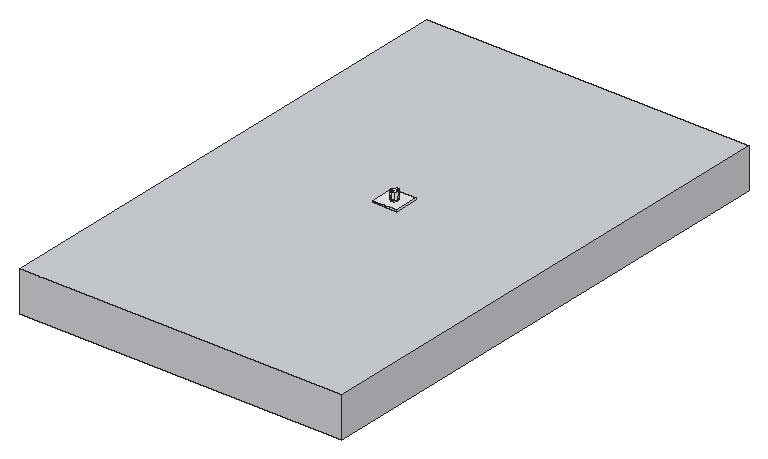
Revit family "Thermostat-GROHE-Allure-19305000", category Plumbing Fixtures, host Face, Revit 2014
Parameters (values of type "19305000")
  Width = 7 3/16"
  Waste Connection = no
  Warranty Documentation Link = "https://cdn.cloud.grohe.com/tpi/1000/1900/1940/1949/1949006/original/1949006.pdf"
  WFU = 4  # constant formula
  Vent Connection = no
  URL = "https://www.grohe.us/"
  Type Comments = ""
  Tempered Connection Radius = Tempered Connection Diameter / 2  # 1/4"
  Tempered Connection Diameter = Hot Water Connection Diameter  # 1/2"
  Product Page URL = "https://www.grohe.us/en_us/allure-central-thermostatic-mixer-19305000.html"
  Price = "Prices may vary. Please consult Manufacturer Representative for most up-to-date price list."  # constant formula
  Model = "19305000"
  Material = "Metal-Grohe-000-Chrome"
  Manufacturer = "Grohe"
  Length = 2 15/16"
  Installation Type = "Wall Mounted"
  Hot Water Connection Radius = Hot Water Connection Diameter / 2  # 1/4"
  Hot Water Connection Diameter = Cold Water Connection Diameter  # 1/2"
  Height = 40"
  HWFU = 3  # constant formula
  HW Connection = yes
  Flow Rate = ""
  Finish = Metal-Grohe-000-Chrome
  Description = "Allure Central Thermostatic Mixer"  # constant formula
  Default Elevation = 44"  # constant formula
  Creation Date = "06/20/2017"  # constant formula
  Cold Water Connection Radius = 1/4"  # constant formula
  Cold Water Connection Diameter = Cold Water Connection Radius * 2  # 1/2"
  CWFU = 3  # constant formula
  CW Connection = yes
  Assembly Code = "D2010710"
  ADA Compliant = no
Reference planes (in)
  plane 1 "Center (Front/Back)": y = 0
  plane 2: z = 0
  plane 3 "Center (Left/Right)": x = 0
  plane 4: y = 40
  plane 5: y = -18
  plane 6: y = -39
  plane 7: z = 3.125
  plane 8: x = -3.59375
  plane 9: x = 3.59375
  plane 10: y = -3.59375
  plane 11: y = 3.59375
  plane 12: z = 0.5
Forms (in)
  Extrusion 1, solid
    sketch origin (0, 0, 0) x (1, 0, 0) y (0, 1, 0)
      loop
        line (-48, 72) -> (-48, -79.70833) -> (48, -79.70833) -> (48, 72) -> (-48, 72)
    from 0 to -12
  Extrusion 2, solid, material "Metal-Grohe-000-Chrome" <- "Finish"
    sketch origin (0, 0, 0) x (1, 0, 0) y (0, 1, 0)
      loop
        line (-3.59375, 3.59375) -> (-3.59375, -3.59375) -> (3.59375, -3.59375) -> (3.59375, 3.59375) -> (-3.59375, 3.59375)
    from 0 to 0.5
  Revolve 3, solid, material "Metal-Grohe-000-Chrome" <- "Finish"
    sketch origin (0, 0, 0) x (0, 1, 0) y (0, 0, 1)
      loop
        line (0, 0.30054) -> (0, 2.74863) -> (-0.89816, 2.74863) -> (-0.92984, 0.93381) -> (-0.76867, 0.93381) -> (-0.76867, 0.90174) -> (-0.90913, 0.90174) -> (-0.97653, 0.58463) -> (-1.03692, 0.58463) -> (-1.03692, 0.30054) -> (0, 0.30054)
      axis (0, 2.74863) -> (0, 0.30054)
    angle from 0 to 360
  Extrusion 4, solid, material "Metal-Grohe-000-Chrome" <- "Finish"
    sketch origin (0, 0, 0) x (1, 0, 0) y (0, 1, 0)
      loop
        arc (-0.29224, 0.45741) -> (-0.35923, 0.20741) -> (-0.54224, 0.0244) r 0.5
        line (-0.54224, 0.0244) -> (-1.04128, -0.26373) -> (-0.75062, -0.76716) -> (-0.2785, -0.49459)
        arc (-0.2785, -0.49459) -> (-0.00318, -0.42081) -> (0.27213, -0.49459) r 0.55063
        line (0.27213, -0.49459) -> (0.74903, -0.76992) -> (1.04128, -0.26373) -> (0.55778, 0.01542)
        arc (0.55778, 0.01542) -> (0.36339, 0.20981) -> (0.29224, 0.47536) r 0.53109
        line (0.29224, 0.47536) -> (0.29224, 1.03366) -> (-0.29224, 1.03366) -> (-0.29224, 0.45741)
    from 0.93201 to 2.91449
  Extrusion 5, solid, material "Metal-Grohe-000-Chrome" <- "Finish"
    sketch origin (0, 0, 0) x (1, 0, 0) y (0, 1, 0)
      loop
        line (-0.31712, 1.03871) -> (-0.33523, 0.69305) -> (0.33523, 0.69305) -> (0.31712, 1.03871)
        arc (0.31712, 1.03871) -> (0, 1.08602) -> (-0.31712, 1.03871) r 1.08645
    from 0.93201 to 2.74863
  Extrusion 6, solid, material "Metal-Grohe-000-Chrome" <- "Finish"
    sketch origin (0, 0, 0) x (0, 1, 0) y (0, 0, 1)
      loop
        arc (1.29383, 2.38187) -> (0.99322, 2.42913) -> (0.69224, 2.47404) r 38.81947
        line (0.69224, 2.47404) -> (0.69224, 1.17351) -> (1.14546, 1.17351)
        arc (1.14546, 1.17351) -> (1.17429, 1.78326) -> (1.29383, 2.38187) r 4.07745
    from -0.19798 to 0.20202
  Extrusion 7, solid, material "Metal-Grohe-000-Chrome" <- "Finish"
    sketch origin (0, 0, 0) x (1, 0, 0) y (0, 1, 0)
      loop
        circle (-0.54224, 0.0244) r 0.25
      loop
        circle (0.54224, 0.0244) r 0.25
    from 0 to 0.0625
Cuts and joins
  joined: Extrusion 2, Revolve 3, Extrusion 4, Extrusion 5, Extrusion 6, Extrusion 7
Lines and regions (in)
  Masking region 1
    outline origin (0, 0, 0) x (1, 0, 0) y (0, 0, 1)
      loop
        line (1.03692, 0.5) -> (1.03692, 0.58463) -> (0.97653, 0.58463) -> (0.90913, 0.90174) -> (0.76867, 0.90174) -> (0.76867, 0.93381) -> (1.04128, 0.93381) -> (1.04128, 2.91449) -> (-1.04128, 2.91449) -> (-1.04128, 0.93381) -> (-0.76867, 0.93381) -> (-0.76867, 0.90174) -> (-0.90913, 0.90174) -> (-0.97653, 0.58463) -> (-1.03692, 0.58463) -> (-1.03692, 0.5) -> (-3.59375, 0.5) -> (-3.59375, 0) -> (3.59375, 0) -> (3.59375, 0.5) -> (1.03692, 0.5)
  symbolic lines, detail levels medium+fine
    curve 1: line (0.89816, 0, 2.74863) -> (0.92984, 0, 0.93381)
    curve 2: line (0.89816, 0, 2.74863) -> (-0.89816, 0, 2.74863)
    curve 3: line (-0.89816, 0, 2.74863) -> (-0.92984, 0, 0.93381)
    curve 4: line (0.76867, 0, 0.90174) -> (-0.76867, 0, 0.90174)
    curve 5: line (0.76867, 0, 0.93381) -> (-0.76867, 0, 0.93381)
  symbolic lines, detail levels fine
    curve 6: line (0.29224, 0, 2.74863) -> (0.29224, 0, 2.91449)
    curve 7: line (0.20202, 0, 2.38187) -> (-0.19798, 0, 2.38187)
    curve 8: line (0.20202, 0, 1.17351) -> (0.20202, 0, 2.38187)
    curve 9: line (-0.19798, 0, 1.17351) -> (0.20202, 0, 1.17351)
    curve 10: line (-0.19798, 0, 2.38187) -> (-0.19798, 0, 1.17351)
    curve 11: line (0.31712, 0, 2.74863) -> (0.31712, 0, 0.93381)
    curve 12: line (0.97653, 0, 0.58463) -> (-0.97653, 0, 0.58463)
    curve 13: line (-0.29224, 0, 2.74863) -> (-0.29224, 0, 2.91449)
    curve 14: line (-0.31712, 0, 2.74863) -> (-0.31712, 0, 0.93381)
    curve 15: line (1.03692, 0, 0.5) -> (-1.03692, 0, 0.5)
Dimensions and locks (in)
  plane 1 "Center (Front/Back)" to plane 5 = 18"
  plane 5 to plane 6 = 21"
  plane 1 "Center (Front/Back)" to plane 4 = 40"
  "Hot Water Connection Diameter": diameter of Extrusion 7 sketch curve
  "Cold Water Connection Diameter": diameter of Extrusion 7 sketch curve
  aligned and locked: plane 2 to Extrusion 1
  aligned and locked: level to Extrusion 1
Automatic sketch dimensions
  Extrusion 1 sketch curve to Extrusion 1 sketch curve = 96"
  Extrusion 1 sketch curve to Extrusion 1 sketch curve = 151.70833"
  Extrusion 2 sketch curve to plane 8 = 0"
  Extrusion 2 sketch curve to plane 9 = 0"
  Extrusion 2 sketch curve to plane 10 = 0"
  plane 11 to Extrusion 2 sketch curve = 0"
  Revolve 3 sketch curve to plane 1 "Center (Front/Back)" = 0"  (x2)
  plane 1 "Center (Front/Back)" to Revolve 3 sketch curve = 0.76867"
  Revolve 3 sketch curve to plane 7 = 0.37637"
  plane 1 "Center (Front/Back)" to Revolve 3 sketch curve = 0.89816"
  Revolve 3 sketch curve to Revolve 3 sketch curve = 0.14045"
  plane 12 to Revolve 3 sketch curve = 0.43381"
  Revolve 3 sketch curve to Revolve 3 sketch curve = 0.02071"
  plane 12 to Revolve 3 sketch curve = 0.08463"
  Revolve 3 sketch curve to Revolve 3 sketch curve = 0.0674"
  Revolve 3 sketch curve to Revolve 3 sketch curve = 0.06038"
  Revolve 3 sketch curve to plane 12 = 0.19946"
  Revolve 3 sketch curve to Revolve 3 sketch curve = 0.03207"
  plane 7 to Revolve 3 sketch curve = 0.35473"
  Revolve 3 sketch curve to Revolve 3 sketch curve = 0.18454"
  plane 1 "Center (Front/Back)" to Extrusion 4 sketch curve = 0.26373"  (x2)
  Extrusion 4 sketch curve to plane 3 "Center (Left/Right)" = 1.04128"
  Extrusion 4 sketch curve to Extrusion 4 sketch curve = 0.24904"
  Extrusion 4 sketch curve to Extrusion 4 sketch curve = 0.29066"
  Extrusion 4 sketch curve to plane 1 "Center (Front/Back)" = 0.0244"
  Extrusion 4 sketch curve to Extrusion 4 sketch curve = 1/4"
  Extrusion 4 sketch curve to plane 3 "Center (Left/Right)" = 0.29224"
  Extrusion 4 sketch curve to plane 3 "Center (Left/Right)" = 0.2785"
  Extrusion 4 sketch curve to plane 3 "Center (Left/Right)" = 0.00318"
  plane 3 "Center (Left/Right)" to Extrusion 4 sketch curve = 0.27213"
  plane 3 "Center (Left/Right)" to Extrusion 4 sketch curve = 0.29224"
  Extrusion 4 sketch curve to plane 1 "Center (Front/Back)" = 0.01542"
  Extrusion 4 sketch curve to Extrusion 4 sketch curve = 0.26554"
  Extrusion 4 sketch curve to Extrusion 4 sketch curve = 0.47689"
  Extrusion 4 sketch curve to plane 1 "Center (Front/Back)" = 0.47536"
  Extrusion 4 sketch curve to Extrusion 4 sketch curve = 0.47686"
  Extrusion 4 sketch curve to Extrusion 4 sketch curve = 0.57625"
  Extrusion 5 sketch curve to plane 3 "Center (Left/Right)" = 0"
  Extrusion 5 sketch curve to plane 3 "Center (Left/Right)" = 0.31712"
  Extrusion 5 sketch curve to plane 3 "Center (Left/Right)" = 0.33523"
  plane 3 "Center (Left/Right)" to Extrusion 5 sketch curve = 0.31712"
  plane 3 "Center (Left/Right)" to Extrusion 5 sketch curve = 0.33523"
  plane 1 "Center (Front/Back)" to Extrusion 5 sketch curve = 0.00043"
  Extrusion 5 sketch curve to plane 1 "Center (Front/Back)" = 0.69305"
  Extrusion 5 sketch curve to Extrusion 5 sketch curve = 0.34566"
  Extrusion 6 sketch curve to plane 10 = 1.29223"
  Extrusion 6 sketch curve to plane 1 "Center (Front/Back)" = 0.69224"
  Extrusion 6 sketch curve to Extrusion 6 sketch curve = 0.45322"
  plane 12 to Extrusion 6 sketch curve = 0.78634"
  Extrusion 6 sketch curve to plane 11 = 1.6276"
  plane 12 to Extrusion 6 sketch curve = 0.67351"
  Extrusion 6 sketch curve to level = 35.94255"
  Extrusion 6 sketch curve to plane 7 = 0.65096"
  Extrusion 7 sketch curve to plane 1 "Center (Front/Back)" = 0.0244"  (x2)
  Extrusion 7 sketch curve to plane 3 "Center (Left/Right)" = 0.54224"
  plane 3 "Center (Left/Right)" to Extrusion 7 sketch curve = 0.54224"
  Masking region 1 sketch curve to plane 8 = 0"
  plane 9 to Masking region 1 sketch curve = 0"
  Masking region 1 sketch curve to level = 0"
  plane 12 to Masking region 1 sketch curve = 0.43381"
  Masking region 1 sketch curve to plane 3 "Center (Left/Right)" = 1.04128"
  plane 12 to Masking region 1 sketch curve = 0.08463"  (x2)
  Masking region 1 sketch curve to Masking region 1 sketch curve = 0.00436"
  Masking region 1 sketch curve to Masking region 1 sketch curve = 0.06038"  (x2)
  plane 12 to Masking region 1 sketch curve = 0.40174"  (x2)
  Masking region 1 sketch curve to Masking region 1 sketch curve = 0.13215"  (x2)
  Masking region 1 sketch curve to Masking region 1 sketch curve = 0.14045"  (x2)
  plane 3 "Center (Left/Right)" to Masking region 1 sketch curve = 0.76867"
  Masking region 1 sketch curve to Masking region 1 sketch curve = 0.0674"
  Masking region 1 sketch curve to Masking region 1 sketch curve = 0.03207"
  Masking region 1 sketch curve to plane 7 = 0.21051"
  Masking region 1 sketch curve to plane 12 = 0"  (x2)
  curve 15 to plane 12 = 0"
  curve 3 to plane 7 = 0.37637"
  curve 3 to plane 3 "Center (Left/Right)" = 0.89816"
  curve 10 to plane 3 "Center (Left/Right)" = 0.19798"
  plane 3 "Center (Left/Right)" to curve 7 = 0.20202"
  curve 7 to curve 2 = 0.69614"
  plane 12 to curve 10 = 0.67351"
  curve 7 to curve 13 = 0.36676"
  plane 12 to curve 3 = 0.43381"
  curve 3 to curve 9 = 0.73186"
  plane 12 to curve 12 = 0.08463"
  curve 12 to curve 3 = 0.04669"
  curve 15 to curve 12 = 0.06038"
  curve 3 to curve 5 = 0.16116"
  curve 5 to curve 4 = 0"  (x2)
  curve 14 to plane 3 "Center (Left/Right)" = 0.31712"
  curve 14 to curve 13 = 0.02488"
  plane 3 "Center (Left/Right)" to curve 6 = 0.29224"
  curve 8 to curve 11 = 0.1151"
  curve 11 to curve 4 = 0.45156"
  plane 12 to curve 1 = 0.43381"
  curve 5 to curve 1 = 0.16116"
  curve 1 to curve 12 = 0.04669"
  curve 12 to curve 15 = 0.06038"
  curve 4 to curve 1 = 0.03207"
  curve 4 to curve 5 = 0.03207"
  curve 13 to curve 13 = 0.16587"
  curve 6 to curve 6 = 0.16587"
Connectors (in)
  piping at (-0.54224, 0.0244, 0), diameter 0.5, driven by "Hot Water Connection Diameter"
    settings: on Extrusion 7, index 1, connector inside diameter 24", connector length 0", flow factor 0, pipe flow 0 GPM, pressure drop 0.00 psi, fitting loss kfactor 0, connector angle 0.00°, fixture units 0, engagement length 0", angle of deflection 0.00°, flow configuration 3, flow direction 1, fitting loss method 0, system type 19, joint type 0, gender type 0, connector reference index -1, connector utility 0, adjustable connector no, is connector primary yes, connector description "1/2\" NPT HW Inlet"
  piping at (0.54224, 0.0244, 0), diameter 0.5, driven by "Cold Water Connection Diameter"
    settings: on Extrusion 7, index 2, connector inside diameter 24", connector length 0", flow factor 0, pipe flow 0 GPM, pressure drop 0.00 psi, fitting loss kfactor 0, connector angle 0.00°, fixture units 0, engagement length 0", angle of deflection 0.00°, flow configuration 3, flow direction 1, fitting loss method 0, system type 20, joint type 0, gender type 0, connector reference index -1, connector utility 0, adjustable connector no, is connector primary no, connector description "1/2\" NPT CW Inlet"
